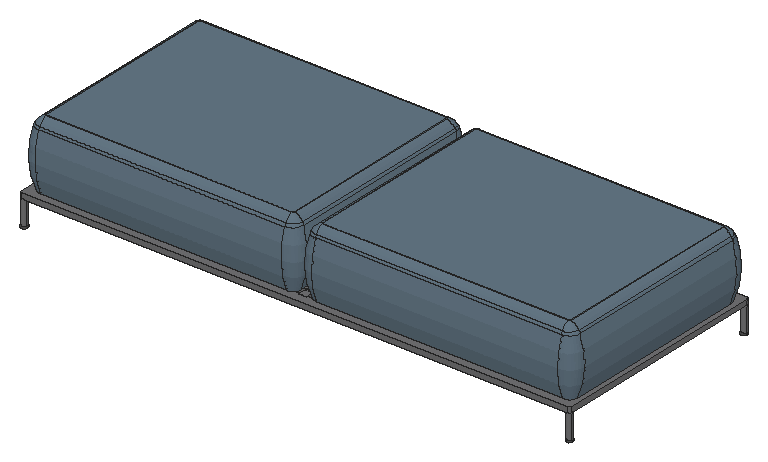
Revit family "Haworth_Mex-Hi_WideBench", category Furniture, Revit 2018
Family settings
  OmniClass Number = 23.40.70.14.64.21
  OmniClass Title = Systems Furniture
  Work Plane-Based = No
  Always vertical = Yes
  Cut with Voids When Loaded = No
  Shared = No
  Room Calculation Point = No
Parameters (values of type "Wide Two Seats Bench")
  Warranty = "http://www.haworth.com/resources/product-info/warranties"
  URL - Product = "https://www.haworth.com/na/en/products/lounge-sofas/ottomans/mex-hi-seating.html"
  URL = "https://www.haworth.com/na/en/about/brands/haworth-collection.html"
  Two Seats Wide = yes
  Trim Finish = Haworth _ Polymer _ Black
  Three Seats Wide = not(Two Seats Wide)  # no
  Sustainability Info = "https://www.haworth.com/na/en/expertise/sustainability.html"
  Size = "Verify Final Dim. w/ Haworth"  # constant formula
  Seat Upholstery Finish [instance] = Haworth _ Leather _ Scozia _ Oceano ES-342
  Revision Number = "1"  # constant formula
  Model = "HCCSMHB"  # constant formula
  Manufacturer = "Haworth"  # constant formula
  Description = "Haworth - Cassina - Mex-Hi - Wide Bench - Two Seats"
  Base Finish [instance] = Haworth _ Paint _ Matte Anthracite 69-ANT
  Author = "Haworth (Abd Rahman)"  # constant formula
  Assembly Code = "E2020200"
  Actual Width = if(Two Seats Wide, 86.60", 106.30")  # 86.60"
  Actual Height = 28.30"  # constant formula
  Actual Depth = 35.50"  # constant formula
Types (2): name | Two Seats Wide | Three Seats Wide | Description | Actual Width
  Wide Two Seats Bench | yes | no | "Haworth - Cassina - Mex-Hi - Wide Bench - Two Seats" | 86.60"
  Wide Three Seats Bench | no | yes | "Haworth - Cassina - Mex-Hi - Wide Bench - Three Seats" | 106.30"
Reference planes (in)
  plane 1: z = 0
  plane 2 "Center L/R": x = -6.11989
  plane 3 "Center F/B": y = -11.5
  plane 4 "Top": z = 28.3
  plane 5 "Back": y = 6.25
  plane 6 "Front": y = -29.25
  plane 7 "Right": x = 37.18011
  plane 8 "Left": x = -49.41989
  plane 9: x = -20.55323
  plane 10: x = 8.31344
  plane 11: z = 15.36974
  plane 12: z = 4.88189
Dimensions and locks (in)
  equal spacing: plane 8 "Left", plane 2 "Center L/R", plane 7 "Right"
  "Actual Width": plane 8 "Left" to plane 7 "Right"
  equal spacing: plane 5 "Back", plane 3 "Center F/B", plane 6 "Front"
  "Actual Depth": plane 5 "Back" to plane 6 "Front"
  "Actual Height": plane 4 "Top" to plane 1
  equal spacing: plane 8 "Left", plane 9, plane 10, plane 7 "Right"
  aligned and locked: plane 2 "Center L/R" to nested 1
  aligned and locked: plane 3 "Center F/B" to nested 1
  aligned and locked: plane 8 "Left" to nested 2
  aligned and locked: plane 7 "Right" to nested 3
  aligned and locked: plane 3 "Center F/B" to nested 3
  aligned and locked: plane 3 "Center F/B" to nested 2
  aligned and locked: plane 2 "Center L/R" to nested 4
  aligned and locked: plane 3 "Center F/B" to nested 4
  aligned and locked: plane 3 "Center F/B" to nested 5
  aligned and locked: plane 3 "Center F/B" to nested 6
  aligned and locked: nested 6 to plane 7 "Right"
  aligned and locked: nested 5 to plane 8 "Left"
  aligned and locked: plane 12 to nested 1
  aligned and locked: plane 11 to nested 5
  aligned and locked: plane 11 to nested 2
  aligned and locked: plane 11 to nested 4
  aligned and locked: plane 11 to nested 6
  aligned and locked: plane 11 to nested 3
Nested families (in)
  nested 1: "Haworth_Mex-Hi_Sofa_Base-PART" at (0, 0, 0), Base Finish <- "Base Finish", type "Base - PART"
    with Base Finish Haworth _ Paint _ Matte Anthracite 69-ANT, Two Seats yes, Three Seats no, Actual Width 86.60"
  nested 2: "Haworth_Mex-Hi_Bench_Seat-PART" at (-25.45039, 0, 0), Seat Upholstery Finish <- "Seat Upholstery Finish", visible <- "Three Seats Wide", type "Seat Bench - PART - Small"
    with Seat Upholstery Finish Haworth _ Leather _ Scozia _ Oceano ES-342, Middle Small Seat yes, L/R Seat no
  nested 3: "Haworth_Mex-Hi_Bench_Seat-PART" at (25.45039, 0, 0), Seat Upholstery Finish <- "Seat Upholstery Finish", visible <- "Three Seats Wide", type "Seat Bench - PART - Small"
    with Seat Upholstery Finish Haworth _ Leather _ Scozia _ Oceano ES-342, Middle Small Seat yes, L/R Seat no
  nested 4: "Haworth_Mex-Hi_Bench_Seat-PART" at (0, 0, 0), visible <- "Three Seats Wide", Seat Upholstery Finish <- "Seat Upholstery Finish", type "Seat Bench - PART - Small"
    with Seat Upholstery Finish Haworth _ Leather _ Scozia _ Oceano ES-342, Middle Small Seat yes, L/R Seat no
  nested 5: "Haworth_Mex-Hi_Bench_Seat-PART" at (-21.99817, 0, 0), visible <- "Two Seats Wide", Seat Upholstery Finish <- "Seat Upholstery Finish", type "Seat Bench - PART - Large"
    with Seat Upholstery Finish Haworth _ Leather _ Scozia _ Oceano ES-342, Middle Large Seat yes, L/R Seat no
  nested 6: "Haworth_Mex-Hi_Bench_Seat-PART" at (21.31563, 0, 0), visible <- "Two Seats Wide", Seat Upholstery Finish <- "Seat Upholstery Finish", type "Seat Bench - PART - Large"
    with Seat Upholstery Finish Haworth _ Leather _ Scozia _ Oceano ES-342, Middle Large Seat yes, L/R Seat no
Definition of nested family "Haworth_Mex-Hi_Sofa_Base-PART"
  Parameters (values of type "Base - PART")
    Warranty = "http://www.haworth.com/resources/product-info/warranties"
    URL - Product = "https://www.haworth.com/na/en/products/lounge-sofas/ottomans/mex-hi-seating.html"
    URL = "https://www.haworth.com/na/en/about/brands/haworth-collection.html"
    Two Seats = no
    Trim Finish = none
    Three Seats = yes
    Sustainability Info = "https://www.haworth.com/na/en/expertise/sustainability.html"
    Size = "Verify Final Dim. w/ Haworth"  # constant formula
    Revision Number = "1"  # constant formula
    Model = "Haworth - Cassina - Mex-Hi"  # constant formula
    Manufacturer = "Haworth"  # constant formula
    Description = "Haworth - Cassina - Mex-Hi - Sofa - Base - PART"  # constant formula
    Base Finish [instance] = none
    Author = "Haworth (Abd Rahman)"  # constant formula
    Assembly Code = "E2020200"
    Actual Width = 98.40"
    Actual Height = 28.30"  # constant formula
    Actual Depth = 35.50"
  Reference planes (in)
    plane 1: z = 0
    plane 2 "Center L/R": x = -6.11989
    plane 3 "Center F/B": y = -11.5
    plane 4 "Top": z = 28.3
    plane 5 "Back": y = 6.25
    plane 6 "Front": y = -29.25
    plane 7 "Right": x = 43.08011
    plane 8 "Left": x = -55.31989
    plane 9: x = 8.61121
    plane 10: x = 7.43011
    plane 11: x = -19.66989
    plane 12: x = -20.851
    plane 13: y = 4.4803
    plane 14: y = 3.20078
    plane 15: y = 2.01967
    plane 16: y = -4.67324
    plane 17: y = -5.85434
    plane 18: y = -24.9511
    plane 19: y = -26.1322
    plane 20: y = -27.40946
    plane 21: y = 6.04866
    plane 22: y = -28.9838
    plane 23: x = -53.5182
    plane 24: x = 41.33743
    plane 25: x = 42.90823
    plane 26: x = -55.09253
    plane 27: x = 8.0169
    plane 28: x = -20.26044
    plane 29: y = -17.07481
    plane 30: y = -5.26247
    plane 31: x = -6.6827
    plane 32: x = -5.5016
  Forms (in)
    Extrusion 1, solid, material <- "Base Finish"
      sketch origin (-0.25, 0.4375, 0) x (1, 0, 0) y (0, 1, 0)
        loop
          line (42.78209, 5.61116) -> (-54.46639, 5.61116)
          arc (-54.46639, 5.61116) -> (-54.73236, 5.50099) -> (-54.84253, 5.23502) r 0.37614
          line (-54.84253, 5.23502) -> (-54.84253, -29.03536)
          arc (-54.84253, -29.03536) -> (-54.72949, -29.30826) -> (-54.4566, -29.4213) r 0.38594
          line (-54.4566, -29.4213) -> (42.87505, -29.4213)
          arc (42.87505, -29.4213) -> (43.07529, -29.33835) -> (43.15823, -29.13811) r 0.28319
          line (43.15823, -29.13811) -> (43.15823, 5.23502)
          arc (43.15823, 5.23502) -> (43.04806, 5.50099) -> (42.78209, 5.61116) r 0.37614
        loop
          line (41.58743, -5.11074) -> (41.58743, 1.58217) -> (-53.2682, 1.58217) -> (-53.2682, -5.11074) -> (41.58743, -5.11074)
        loop
          line (-53.2682, 2.76328) -> (41.58743, 2.76328) -> (41.58743, 4.0428) -> (-53.2682, 4.0428) -> (-53.2682, 2.76328)
        loop
          line (41.58743, -6.29184) -> (-53.2682, -6.29184) -> (-53.2682, -25.3886) -> (41.58743, -25.3886) -> (41.58743, -6.29184)
        loop
          line (41.58743, -26.5697) -> (-53.2682, -26.5697) -> (-53.2682, -27.84696) -> (41.58743, -27.84696) -> (41.58743, -26.5697)
      from 4.08098 to 4.88189
    Extrusion 2, solid, material <- "Base Finish"
      sketch origin (-0.25, 0.4375, 0) x (1, 0, 0) y (0, 1, 0)
        loop
          circle (-54.44883, 5.22344) r 0.41206
        loop
          circle (42.77054, -29.02659) r 0.41206
        loop
          circle (42.77363, 5.22313) r 0.41206
        loop
          circle (-54.44602, -29.0239) r 0.41206
      from 0 to 4.08098
    Extrusion 3, solid, material <- "Trim Finish"
      sketch origin (-0.25, 0.4375, 0) x (1, 0, 0) y (0, 1, 0)
        loop
          circle (-54.44883, 5.22344) r 0.49213
        loop
          circle (-54.44883, -29.02999) r 0.49213
        loop
          circle (42.77154, 5.22344) r 0.49213
        loop
          circle (42.76782, -29.02818) r 0.49213
      from 0 to 0.23622
    Extrusion 4, solid, material <- "Base Finish", visible <- "Two Seats"
      sketch origin (0, 0, 0) x (1, 0, 0) y (0, 1, 0)
        loop
          line (-5.5016, -27.40946) -> (-5.5016, 6.04866) -> (-6.6827, 6.04866) -> (-6.6827, -27.40946) -> (-5.5016, -27.40946)
      from 4.08098 to 4.88189
    Extrusion 5, solid, material <- "Base Finish", visible <- "Three Seats"
      sketch origin (-17.68716, 0, 0) x (1, 0, 0) y (0, 1, 0)
        loop
          line (-1.98273, -27.40946) -> (-1.98273, 6.04866) -> (-3.16383, 6.04866) -> (-3.16383, -27.40946) -> (-1.98273, -27.40946)
      from 4.08098 to 4.88189
    Extrusion 6, solid, material <- "Base Finish", visible <- "Three Seats"
      sketch origin (17.7459, 0, 0) x (1, 0, 0) y (0, 1, 0)
        loop
          line (-9.1347, -27.40946) -> (-9.1347, 6.04866) -> (-10.3158, 6.04866) -> (-10.3158, -27.40946) -> (-9.1347, -27.40946)
      from 4.08098 to 4.88189
    Extrusion 7, solid, material <- "Trim Finish", visible <- "Two Seats"
      sketch origin (0, 0, 0) x (1, 0, 0) y (0, 1, 0)
        loop
          circle (-6.11989, -17.07481) r 0.49213
        loop
          circle (-6.11989, -5.26247) r 0.49213
      from 0 to 0.23622
    Extrusion 8, solid, material <- "Trim Finish", visible <- "Two Seats"
      sketch origin (0, 0, 0) x (1, 0, 0) y (0, 1, 0)
        loop
          circle (-6.11989, -17.07481) r 0.41206
        loop
          circle (-6.11989, -5.26247) r 0.41206
      from 0 to 4.08098
    Extrusion 9, solid, material <- "Trim Finish", visible <- "Three Seats"
      sketch origin (0, 0, 0) x (1, 0, 0) y (0, 1, 0)
        loop
          circle (-20.26044, -17.07481) r 0.41206
        loop
          circle (-20.26044, -5.26247) r 0.41206
        loop
          circle (8.0169, -5.26247) r 0.41206
        loop
          circle (8.0169, -17.07481) r 0.41206
      from 0 to 4.08098
    Extrusion 10, solid, material <- "Trim Finish", visible <- "Three Seats"
      sketch origin (0, 0, 0) x (1, 0, 0) y (0, 1, 0)
        loop
          circle (-20.26044, -17.07481) r 0.49213
        loop
          circle (-20.26044, -5.26247) r 0.49213
        loop
          circle (8.0169, -5.26247) r 0.49213
        loop
          circle (8.0169, -17.07481) r 0.49213
      from 0 to 0.23622
  Lines and regions (in)
    symbolic lines
      curve 1: line (-55.09253, 6.04866, 0) -> (42.90823, 6.04866, 0)
      curve 2: line (-55.09253, -28.9838, 0) -> (-55.09253, 6.04866, 0)
      curve 3: line (42.90823, -28.9838, 0) -> (-55.09253, -28.9838, 0)
      curve 4: line (42.90823, 6.04866, 0) -> (42.90823, -28.9838, 0)
      curve 5: line (-53.5182, -27.40946, 0) -> (-20.851, -27.40946, 0)
      curve 6: line (-53.5182, -26.1322, 0) -> (-53.5182, -27.40946, 0)
      curve 7: line (-20.851, -26.1322, 0) -> (-53.5182, -26.1322, 0)
      curve 8: line (-20.851, -27.40946, 0) -> (-20.851, -26.1322, 0)
      curve 9: line (7.43011, -27.40946, 0) -> (-19.66989, -27.40946, 0)
      curve 10: line (7.43011, -26.1322, 0) -> (7.43011, -27.40946, 0)
      curve 11: line (-19.66989, -26.1322, 0) -> (7.43011, -26.1322, 0)
      curve 12: line (-19.66989, -27.40946, 0) -> (-19.66989, -26.1322, 0)
      curve 13: line (8.61121, -26.1322, 0) -> (41.33743, -26.1322, 0)
      curve 14: line (8.61121, -27.40946, 0) -> (8.61121, -26.1322, 0)
      curve 15: line (41.33743, -27.40946, 0) -> (8.61121, -27.40946, 0)
      curve 16: line (41.33743, -26.1322, 0) -> (41.33743, -27.40946, 0)
      curve 17: line (41.33743, -24.9511, 0) -> (8.61121, -24.9511, 0)
      curve 18: line (41.33743, -5.85434, 0) -> (41.33743, -24.9511, 0)
      curve 19: line (8.61121, -5.85434, 0) -> (41.33743, -5.85434, 0)
      curve 20: line (8.61121, -24.9511, 0) -> (8.61121, -5.85434, 0)
      curve 21: line (41.33743, -4.67324, 0) -> (8.61121, -4.67324, 0)
      curve 22: line (41.33743, 2.01967, 0) -> (41.33743, -4.67324, 0)
      curve 23: line (8.61121, 2.01967, 0) -> (41.33743, 2.01967, 0)
      curve 25: line (7.43011, 2.01967, 0) -> (-19.66989, 2.01967, 0)
      curve 27: line (-19.66989, -4.67324, 0) -> (7.43011, -4.67324, 0)
      curve 28: line (-19.66989, 2.01967, 0) -> (-19.66989, -4.67324, 0)
      curve 29: line (-19.66989, -5.85434, 0) -> (7.43011, -5.85434, 0)
      curve 30: line (-19.66989, -24.9511, 0) -> (-19.66989, -5.85434, 0)
      curve 31: line (7.43011, -24.9511, 0) -> (-19.66989, -24.9511, 0)
      curve 32: line (7.43011, -5.85434, 0) -> (7.43011, -24.9511, 0)
      curve 33: line (-20.851, -24.9511, 0) -> (-53.5182, -24.9511, 0)
      curve 35: line (-53.5182, -5.85434, 0) -> (-20.851, -5.85434, 0)
      curve 36: line (-53.5182, -24.9511, 0) -> (-53.5182, -5.85434, 0)
      curve 37: line (-53.5182, -4.67324, 0) -> (-20.851, -4.67324, 0)
      curve 38: line (-53.5182, 2.01967, 0) -> (-53.5182, -4.67324, 0)
      curve 39: line (-20.851, 2.01967, 0) -> (-53.5182, 2.01967, 0)
      curve 40: line (-20.851, -4.67324, 0) -> (-20.851, 2.01967, 0)
      curve 41: line (-53.5182, 4.4803, 0) -> (-20.851, 4.4803, 0)
      curve 42: line (-53.5182, 3.20078, 0) -> (-53.5182, 4.4803, 0)
      curve 43: line (-20.851, 3.20078, 0) -> (-53.5182, 3.20078, 0)
      curve 44: line (-20.851, 4.4803, 0) -> (-20.851, 3.20078, 0)
      curve 45: line (7.43011, 3.20078, 0) -> (-19.66989, 3.20078, 0)
      curve 46: line (7.43011, 4.4803, 0) -> (7.43011, 3.20078, 0)
      curve 47: line (-19.66989, 4.4803, 0) -> (7.43011, 4.4803, 0)
      curve 49: line (41.33743, 3.20078, 0) -> (8.61121, 3.20078, 0)
      curve 50: line (41.33743, 4.4803, 0) -> (41.33743, 3.20078, 0)
      curve 51: line (8.61121, 4.4803, 0) -> (41.33743, 4.4803, 0)
      curve 52: line (8.61121, 3.20078, 0) -> (8.61121, 4.4803, 0)
    symbolic lines, visible <- "Three Seats"
      curve 24: line (8.61121, -27.40946, 0) -> (8.61121, 4.4803, 0)
      curve 26: line (7.43011, -27.40946, 0) -> (7.43011, 4.4803, 0)
      curve 34: line (-20.851, 4.4803, 0) -> (-20.851, -27.40946, 0)
      curve 48: line (-19.66989, -27.40946, 0) -> (-19.66989, 4.4803, 0)
    symbolic lines, visible <- "Two Seats"
      curve 53: line (-6.6827, 6.04866, 0) -> (-5.5016, 6.04866, 0)
      curve 54: line (-6.6827, -27.40946, 0) -> (-6.6827, 6.04866, 0)
      curve 55: line (-5.5016, -27.40946, 0) -> (-6.6827, -27.40946, 0)
      curve 56: line (-5.5016, 6.04866, 0) -> (-5.5016, -27.40946, 0)
  Dimensions and locks (in)
    equal spacing: plane 8 "Left", plane 2 "Center L/R", plane 7 "Right"
    "Actual Width": plane 8 "Left" to plane 7 "Right"
    equal spacing: plane 5 "Back", plane 3 "Center F/B", plane 6 "Front"
    "Actual Depth": plane 5 "Back" to plane 6 "Front"
    "Actual Height": plane 4 "Top" to plane 1
    plane 18 to plane 19 to plane 20 to plane 22 to plane 6 "Front" = 1.1811" locked, 1.27726" locked, 1.57434" locked, 0.2662" locked
    plane 5 "Back" to plane 21 to plane 13 to plane 14 to plane 15 to plane 16 to plane 17 = 0.20134" locked, 1.56835" locked, 1.27953" locked, 1.1811" locked, 6.69291" locked, 1.1811" locked
    plane 30 to plane 3 "Center F/B" to plane 29 = 6.23753" locked, 5.57481" locked
    plane 31 to plane 2 "Center L/R" to plane 32 = 0.56281" locked, 0.61829" locked
    plane 10 to plane 27 to plane 9 = 0.58679" locked, 0.59431" locked
    plane 12 to plane 28 to plane 11 = 0.59055" locked, 0.59055" locked
    plane 24 to plane 25 to plane 7 "Right" = 1.5708" locked, 0.17188" locked
    plane 8 "Left" to plane 26 to plane 23 = 0.22736" locked, 1.57433" locked
    plane 9 to plane 24 = 32.72622"
    plane 23 to plane 12 = 32.6672"
    aligned and locked: Extrusion 1 to plane 13
    aligned and locked: plane 14 to Extrusion 1
    aligned and locked: Extrusion 1 to plane 15
    aligned and locked: plane 16 to Extrusion 1
    aligned and locked: Extrusion 1 to plane 17
    aligned and locked: plane 18 to Extrusion 1
    aligned and locked: Extrusion 1 to plane 19
    aligned and locked: Extrusion 1 to plane 20
    aligned and locked: plane 26 to Extrusion 1  (x2)
    aligned and locked: Extrusion 1 to plane 23  (x4)
    aligned and locked: Extrusion 1 to plane 25  (x2)
    aligned and locked: plane 24 to Extrusion 1  (x4)
    aligned and locked: curve 2 to plane 26
    aligned and locked: plane 21 to Extrusion 1
    aligned and locked: plane 14 to curve 43
    aligned and locked: plane 15 to curve 39
    aligned and locked: curve 37 to plane 16
    aligned and locked: curve 35 to plane 17
    aligned and locked: plane 18 to curve 33
    aligned and locked: plane 19 to curve 7
    aligned and locked: plane 20 to curve 5
    aligned and locked: plane 23 to curve 6
    aligned and locked: curve 36 to plane 23
    aligned and locked: plane 23 to curve 38
    aligned and locked: curve 42 to plane 23
    aligned and locked: plane 12 to curve 44
    aligned and locked: curve 40 to plane 12
    aligned and locked: curve 8 to plane 12
    aligned and locked: curve 12 to plane 11
    aligned and locked: curve 30 to plane 11
    aligned and locked: plane 11 to curve 28
    aligned and locked: plane 10 to curve 46
    aligned and locked: curve 26 to plane 10
    aligned and locked: plane 10 to curve 32
    aligned and locked: plane 10 to curve 10
    aligned and locked: curve 14 to plane 9
    aligned and locked: curve 20 to plane 9
    aligned and locked: curve 52 to plane 9
    aligned and locked: plane 24 to curve 50
    aligned and locked: plane 24 to curve 22
    aligned and locked: plane 24 to curve 18
    aligned and locked: plane 24 to curve 16
    aligned and locked: plane 25 to curve 4
    aligned and locked: Extrusion 1 to plane 22
    aligned and locked: curve 15 to plane 20
    aligned and locked: curve 13 to plane 19
    aligned and locked: plane 18 to curve 17
    aligned and locked: curve 19 to plane 17
    aligned and locked: plane 16 to curve 21
    aligned and locked: curve 23 to plane 15
    aligned and locked: plane 14 to curve 49
    aligned and locked: curve 51 to plane 13
    aligned and locked: curve 1 to plane 21
    aligned and locked: curve 47 to plane 13
    aligned and locked: plane 14 to curve 45
    aligned and locked: plane 15 to curve 25
    aligned and locked: curve 27 to plane 16
    aligned and locked: curve 29 to plane 17
    aligned and locked: plane 18 to curve 31
    aligned and locked: curve 11 to plane 19
    aligned and locked: curve 9 to plane 20
    aligned and locked: plane 22 to curve 3
    aligned and locked: plane 15 to nested 2
    aligned and locked: plane 15 to nested 3
    aligned and locked: plane 15 to nested 8
    aligned and locked: plane 15 to nested 9
    aligned and locked: plane 17 to nested 13
    aligned and locked: plane 17 to nested 10
    aligned and locked: plane 17 to nested 7
    aligned and locked: plane 17 to nested 4
    aligned and locked: plane 17 to nested 14
    aligned and locked: nested 1 to plane 18
    aligned and locked: nested 5 to plane 18
    aligned and locked: nested 6 to plane 18
    aligned and locked: nested 12 to plane 18
    aligned and locked: nested 11 to plane 18
    aligned and locked: nested 1 to Extrusion 1
    aligned and locked: Extrusion 1 to Extrusion 4  (x2)
    aligned and locked: Extrusion 4 to plane 32
    aligned and locked: plane 31 to Extrusion 4
    aligned and locked: plane 32 to Extrusion 4 sketch curve
    aligned and locked: Extrusion 4 sketch curve to plane 31
    aligned and locked: Extrusion 4 sketch curve to plane 21
    aligned and locked: Extrusion 4 sketch curve to plane 20
    aligned and locked: plane 9 to Extrusion 6 sketch curve
    aligned and locked: Extrusion 6 sketch curve to plane 10
    aligned and locked: Extrusion 6 sketch curve to plane 21
    aligned and locked: Extrusion 6 sketch curve to plane 20
    aligned and locked: plane 11 to Extrusion 5 sketch curve
    aligned and locked: Extrusion 5 sketch curve to plane 12
    aligned and locked: Extrusion 5 sketch curve to plane 21
    aligned and locked: Extrusion 5 sketch curve to plane 20
    aligned and locked: plane 29 to Extrusion 7 sketch curve
    aligned and locked: plane 2 "Center L/R" to Extrusion 7 sketch curve  (x2)
    aligned and locked: plane 30 to Extrusion 7 sketch curve
    aligned and locked: Extrusion 3 to Extrusion 7
    aligned and locked: plane 29 to Extrusion 8 sketch curve
    aligned and locked: plane 2 "Center L/R" to Extrusion 8 sketch curve  (x2)
    aligned and locked: plane 30 to Extrusion 8 sketch curve
    aligned and locked: Extrusion 8 to Extrusion 1
    aligned and locked: plane 29 to Extrusion 9 sketch curve  (x2)
    aligned and locked: plane 30 to Extrusion 9 sketch curve  (x2)
    aligned and locked: plane 28 to Extrusion 9 sketch curve  (x2)
    aligned and locked: plane 27 to Extrusion 9 sketch curve  (x2)
    aligned and locked: Extrusion 9 to Extrusion 1
    aligned and locked: plane 28 to Extrusion 10 sketch curve  (x2)
    aligned and locked: plane 27 to Extrusion 10 sketch curve  (x2)
    aligned and locked: plane 30 to Extrusion 10 sketch curve  (x2)
    aligned and locked: plane 29 to Extrusion 10 sketch curve  (x2)
    aligned and locked: Extrusion 10 to Extrusion 7
  Automatic sketch dimensions
    Extrusion 1 sketch curve to plane 26 = 0.00"
    Extrusion 1 sketch curve to plane 21 = 0.00"
    Extrusion 1 sketch curve to plane 22 = 0.00"
    plane 20 to Extrusion 1 sketch curve = 0.00"
    Extrusion 1 sketch curve to plane 23 = 0.00"  (x4)
    Extrusion 1 sketch curve to plane 18 = 0.00"
    Extrusion 1 sketch curve to plane 13 = 0.00"
    Extrusion 1 sketch curve to plane 16 = 0.00"
    Extrusion 1 sketch curve to plane 24 = 0.00"  (x4)
    Extrusion 1 sketch curve to plane 14 = 0.00"
    Extrusion 1 sketch curve to plane 15 = 0.00"
    Extrusion 1 sketch curve to plane 25 = 0.00"
    Extrusion 1 sketch curve to plane 19 = 0.00"
    Extrusion 1 sketch curve to plane 17 = 0.00"
    Extrusion 1 sketch curve to Extrusion 1 sketch curve = 0.37614"
    plane 22 to Extrusion 1 sketch curve = 0.38594"
    plane 25 to Extrusion 1 sketch curve = 0.37614"
    Extrusion 1 sketch curve to Extrusion 1 sketch curve = 0.28319"
    Extrusion 2 sketch curve to plane 26 = 0.39651"
    Extrusion 2 sketch curve to plane 26 = 0.3937"
    plane 25 to Extrusion 2 sketch curve = 0.38769"
    plane 25 to Extrusion 2 sketch curve = 0.3846"
    plane 22 to Extrusion 2 sketch curve = 0.39739"
    plane 22 to Extrusion 2 sketch curve = 0.39471"
    Extrusion 2 sketch curve to plane 21 = 0.38803"
    Extrusion 2 sketch curve to plane 21 = 0.38772"
    Extrusion 3 sketch curve to plane 26 = 0.3937"  (x2)
    plane 25 to Extrusion 3 sketch curve = 0.39041"
    plane 25 to Extrusion 3 sketch curve = 0.38669"
    plane 22 to Extrusion 3 sketch curve = 0.39311"
    plane 22 to Extrusion 3 sketch curve = 0.39131"
    Extrusion 3 sketch curve to plane 21 = 0.38772"  (x2)
    plane 20 to curve 55 = 0.00"
    curve 55 to plane 31 = 0.00"
    curve 55 to plane 32 = 0.00"
    curve 44 to plane 13 = 0.00"
    curve 53 to plane 21 = 0.00"
    radius of Extrusion 2 sketch curve = 0.41206"  (x4)
    radius of Extrusion 3 sketch curve = 0.49213"  (x4)
    radius of Extrusion 7 sketch curve = 0.49213"  (x2)
    radius of Extrusion 8 sketch curve = 0.41206"  (x2)
    radius of Extrusion 9 sketch curve = 0.41206"  (x4)
    radius of Extrusion 10 sketch curve = 0.49213"  (x4)
  Nested families (in)
    nested 1: "Haworth_Mex-Hi_Sofa_Knob-PART" at (-41.10041, -14.04791, 0.00098), visible <- "Three Seats", type "Knob - PART"
    nested 2: "Haworth_Mex-Hi_Sofa_Knob-PART" at (-21.10041, 13.65777, 0), type "Knob - PART"
    nested 3: "Haworth_Mex-Hi_Sofa_Knob-PART" at (-13.66357, 13.65777, 0), type "Knob - PART"
    nested 4: "Haworth_Mex-Hi_Sofa_Knob-PART" at (-13.66357, 5.78375, 0), type "Knob - PART"
    nested 5: "Haworth_Mex-Hi_Sofa_Knob-PART" at (-13.66357, -14.04791, 0), type "Knob - PART"
    nested 6: "Haworth_Mex-Hi_Sofa_Knob-PART" at (14.33643, -14.04791, 0), type "Knob - PART"
    nested 7: "Haworth_Mex-Hi_Sofa_Knob-PART" at (14.33643, 5.78375, 0), type "Knob - PART"
    nested 8: "Haworth_Mex-Hi_Sofa_Knob-PART" at (14.33643, 13.65777, 0), type "Knob - PART"
    nested 9: "Haworth_Mex-Hi_Sofa_Knob-PART" at (21.51753, 13.65777, 0), type "Knob - PART"
    nested 10: "Haworth_Mex-Hi_Sofa_Knob-PART" at (21.51753, 5.78375, 0), type "Knob - PART"
    nested 11: "Haworth_Mex-Hi_Sofa_Knob-PART" at (21.51753, -14.04791, 0), type "Knob - PART"
    nested 12: "Haworth_Mex-Hi_Sofa_Knob-PART" at (41.58464, -14.04791, 0), visible <- "Three Seats", type "Knob - PART"
    nested 13: "Haworth_Mex-Hi_Sofa_Knob-PART" at (41.58464, 5.78375, 0), visible <- "Three Seats", type "Knob - PART"
    nested 14: "Haworth_Mex-Hi_Sofa_Knob-PART" at (-41.10041, 5.78375, 0), visible <- "Three Seats", type "Knob - PART"
  Definition of nested family "Haworth_Mex-Hi_Sofa_Knob-PART"
    Parameters (values of type "Knob - PART")
      Warranty = "http://www.haworth.com/resources/product-info/warranties"
      URL - Product = "https://www.haworth.com/na/en/products/lounge-sofas/ottomans/mex-hi-seating.html"
      URL = "https://www.haworth.com/na/en/about/brands/haworth-collection.html"
      Trim Finish = none
      Sustainability Info = "https://www.haworth.com/na/en/expertise/sustainability.html"
      Size = "Verify Final Dim. w/ Haworth"  # constant formula
      Revision Number = "1"  # constant formula
      Model = "Haworth - Cassina - Mex-Hi"  # constant formula
      Manufacturer = "Haworth"  # constant formula
      Description = "Haworth - Cassina - Mex-Hi - Sofa - Knob - PART"  # constant formula
      Author = "Haworth (Abd Rahman)"  # constant formula
      Assembly Code = "E2020200"
      Actual Width = 1.67"  # constant formula
      Actual Height = 4.08"  # constant formula
      Actual Depth = 1.47"  # constant formula
    Reference planes (in)
      plane 1: z = 0
      plane 2 "Center L/R": x = -6.1322
      plane 3 "Top": z = 4.08
      plane 4: x = -5.2972
      plane 5: x = -6.9672
      plane 6: y = -10.90319
      plane 7: y = -12.373
      plane 8: y = -11.6381
    Forms (in)
      Extrusion 1, solid, material <- "Trim Finish"
        sketch origin (0, 0, 0) x (1, 0, 0) y (0, 1, 0)
          loop
            arc (-6.96571, -11.20052) -> (-6.96593, -11.22622) -> (-6.95004, -11.24643) r 0.03882
            arc (-6.95004, -11.24643) -> (-6.5066, -11.70956) -> (-6.32724, -12.32516) r 1.34831
            arc (-6.32724, -12.32516) -> (-6.31768, -12.34902) -> (-6.29531, -12.36168) r 0.03882
            arc (-6.29531, -12.36168) -> (-6.12907, -12.37648) -> (-5.96283, -12.36168) r 0.94089
            arc (-5.96283, -12.36168) -> (-5.93846, -12.34653) -> (-5.93115, -12.31878) r 0.03882
            arc (-5.93115, -12.31878) -> (-5.74775, -11.6992) -> (-5.2972, -11.23603) r 1.34873
            arc (-5.2972, -11.23603) -> (-5.29048, -11.21886) -> (-5.29243, -11.20052) r 0.03882
            arc (-5.29243, -11.20052) -> (-5.36273, -11.04915) -> (-5.45867, -10.91258) r 0.94086
            arc (-5.45867, -10.91258) -> (-5.48082, -10.89954) -> (-5.50626, -10.90319) r 0.03882
            arc (-5.50626, -10.90319) -> (-6.12907, -11.05565) -> (-6.75188, -10.90319) r 1.34833
            arc (-6.75188, -10.90319) -> (-6.77732, -10.89954) -> (-6.79947, -10.91258) r 0.03882
            arc (-6.79947, -10.91258) -> (-6.89541, -11.04915) -> (-6.96571, -11.20052) r 0.94087
        from 3.49028 to 3.88235
      Extrusion 2, solid, material <- "Trim Finish"
        sketch origin (0, 0, 0) x (1, 0, 0) y (0, 1, 0)
          loop
            circle (-6.1322, -11.5) r 0.37215
        from 3.88235 to 4.08098
    Cuts and joins
      joined: Extrusion 1, Extrusion 2
    Lines and regions (in)
      symbolic lines
        curve 1: arc (-5.50626, -10.90319, 0) -> (-6.12907, -11.05565, 0) -> (-6.75188, -10.90319, 0) r 1.34833
        curve 2: arc (-5.45867, -10.91258, 0) -> (-5.48082, -10.89954, 0) -> (-5.50626, -10.90319, 0) r 0.03882
        curve 3: arc (-5.29243, -11.20052, 0) -> (-5.36273, -11.04915, 0) -> (-5.45867, -10.91258, 0) r 0.94086
        curve 4: arc (-5.2972, -11.23603, 0) -> (-5.29048, -11.21886, 0) -> (-5.29243, -11.20052, 0) r 0.03882
        curve 5: arc (-5.93115, -12.31878, 0) -> (-5.74775, -11.6992, 0) -> (-5.2972, -11.23603, 0) r 1.34873
        curve 6: arc (-5.96283, -12.36168, 0) -> (-5.93846, -12.34653, 0) -> (-5.93115, -12.31878, 0) r 0.03882
        curve 7: arc (-6.29531, -12.36168, 0) -> (-6.12907, -12.37648, 0) -> (-5.96283, -12.36168, 0) r 0.94089
        curve 8: arc (-6.32724, -12.32516, 0) -> (-6.31768, -12.34902, 0) -> (-6.29531, -12.36168, 0) r 0.03882
        curve 9: arc (-6.95004, -11.24643, 0) -> (-6.5066, -11.70956, 0) -> (-6.32724, -12.32516, 0) r 1.34831
        curve 10: arc (-6.96571, -11.20052, 0) -> (-6.96593, -11.22622, 0) -> (-6.95004, -11.24643, 0) r 0.03882
        curve 11: arc (-6.79947, -10.91258, 0) -> (-6.89541, -11.04915, 0) -> (-6.96571, -11.20052, 0) r 0.94087
        curve 12: arc (-6.75188, -10.90319, 0) -> (-6.77732, -10.89954, 0) -> (-6.79947, -10.91258, 0) r 0.03882
    Dimensions and locks (in)
      equal spacing: plane 7, plane 8, plane 6
      plane 6 to plane 7 = 1.46981"
      equal spacing: plane 5, plane 2 "Center L/R", plane 4
      "Actual Width": plane 5 to plane 4
      "Actual Height": plane 3 "Top" to level
    Automatic sketch dimensions
      Extrusion 1 sketch curve to plane 2 "Center L/R" = 0.15625"
      Extrusion 1 sketch curve to plane 2 "Center L/R" = 0.6376"
      Extrusion 1 sketch curve to Extrusion 1 sketch curve = 0.15938"  (x2)
      Extrusion 1 sketch curve to plane 2 "Center L/R" = 1.54206"
      Extrusion 1 sketch curve to plane 2 "Center L/R" = 0.04533"
      Extrusion 1 sketch curve to Extrusion 1 sketch curve = 0.04847"
      plane 2 "Center L/R" to Extrusion 1 sketch curve = 0.00314"
      Extrusion 1 sketch curve to Extrusion 1 sketch curve = 0.09695"
      Extrusion 1 sketch curve to Extrusion 1 sketch curve = 0.31877"
      plane 2 "Center L/R" to Extrusion 1 sketch curve = 0.64387"
      Extrusion 1 sketch curve to Extrusion 1 sketch curve = 0.74511"
      Extrusion 1 sketch curve to Extrusion 1 sketch curve = 0.00"  (x11)
      Extrusion 1 sketch curve to Extrusion 1 sketch curve = 0.00001"
      Extrusion 1 sketch curve to Extrusion 1 sketch curve = 0.08398"
      Extrusion 1 sketch curve to Extrusion 1 sketch curve = 0.27606"  (x2)
      Extrusion 1 sketch curve to Extrusion 1 sketch curve = 1.2303"
      Extrusion 1 sketch curve to plane 2 "Center L/R" = 0.16311"
      Extrusion 1 sketch curve to Extrusion 1 sketch curve = 0.01793"
      Extrusion 2 sketch curve to plane 2 "Center L/R" = 0.00"
      plane 6 to Extrusion 1 sketch curve = 0.00"  (x2)
      Extrusion 1 sketch curve to plane 4 = 0.00"
      plane 6 to Extrusion 1 sketch curve = 0.5324"
      plane 7 to Extrusion 1 sketch curve = 0.04953"
      Extrusion 1 sketch curve to plane 7 = 0.01071"
      plane 6 to Extrusion 2 sketch curve = 0.59681"
      plane 6 to curve 1 = 0.00"  (x2)
      plane 6 to curve 2 = 0.00"
      plane 2 "Center L/R" to curve 1 = 0.00314"
      plane 6 to curve 2 = 0.03443"
      plane 4 to curve 2 = 0.19113"
      curve 1 to plane 6 = 1.19587"
      plane 6 to curve 2 = 0.00939"
      curve 3 to plane 2 "Center L/R" = 0.04533"
      curve 3 to curve 2 = 0.00"
      curve 3 to plane 4 = 0.00477"
      curve 4 to plane 4 = 0.00"
      plane 4 to curve 4 = 0.03174"
      curve 4 to curve 3 = 0.00"
      curve 5 to plane 7 = 0.00766"
      curve 5 to plane 4 = 0.71336"
      plane 7 to curve 5 = 0.05423"
      curve 6 to curve 5 = 0.03853"
      curve 6 to curve 5 = 0.0047"
      plane 7 to curve 6 = 0.01132"
      plane 2 "Center L/R" to curve 7 = 0.00314"
      plane 7 to curve 7 = 0.01132"
      curve 7 to plane 2 "Center L/R" = 0.16311"
      curve 7 to curve 8 = 0.00686"
      curve 8 to curve 8 = 0.03878"
      curve 8 to curve 7 = 0.00"
      curve 9 to plane 7 = 0.01071"
      curve 9 to plane 5 = 0.01716"
      curve 9 to curve 8 = 0.00"
      curve 10 to plane 5 = 0.03801"
      curve 10 to plane 5 = 0.0015"
      curve 10 to curve 9 = 0.00"
      plane 2 "Center L/R" to curve 11 = 0.05162"
      curve 11 to curve 10 = 0.00"
      plane 6 to curve 11 = 0.00939"
      plane 6 to curve 12 = 0.00"
      radius of Extrusion 2 sketch curve = 0.37215"
Definition of nested family "Haworth_Mex-Hi_Bench_Seat-PART"
  Parameters (values of type "Seat Bench - PART")
    Warranty = "http://www.haworth.com/resources/product-info/warranties"
    URL - Product = "https://www.haworth.com/na/en/products/lounge-sofas/ottomans/mex-hi-seating.html"
    URL = "https://www.haworth.com/na/en/about/brands/haworth-collection.html"
    Sustainability Info = "https://www.haworth.com/na/en/expertise/sustainability.html"
    Size = "Verify Final Dim. w/ Haworth"  # constant formula
    Seat Upholstery Finish [instance] = none
    Seat Height = 17.00"  # constant formula
    Revision Number = "1"  # constant formula
    Model = "Haworth - Cassina - Mex-Hi"  # constant formula
    Middle Small Seat = no
    Middle Large Seat = no
    Manufacturer = "Haworth"  # constant formula
    L/R Seat = yes
    Description = "Haworth - Cassina - Mex-Hi - Seat  - PART"  # constant formula
    Author = "Haworth (Abd Rahman)"  # constant formula
    Assembly Code = "E2020200"
    Actual Width = 35.69922"  # constant formula
    Actual Height = 27.39844"  # constant formula
    Actual Depth = 35.50"  # constant formula
  Reference planes (in)
    plane 1: z = 0
    plane 2 "Center L/R": x = -6.11989
    plane 3 "Center F/B": y = -11.5
    plane 4 "Top": z = 27.39844
    plane 5 "Back": y = 6.25
    plane 6 "Front": y = -29.25
    plane 7 "Right": x = 11.72972
    plane 8 "Left": x = -23.9695
    plane 9: z = 17
    plane 10: x = -27.42172
    plane 11: x = 15.86448
    plane 12: x = -19.80117
    plane 13: x = 7.56138
  Forms (in)
    Extrusion 1, solid, material <- "Seat Upholstery Finish", visible <- "Middle Small Seat"
      sketch origin (4.78944, 14.72405, 0) x (1, 0, 0) y (0, 1, 0)
        loop
          arc (4.64853, -11.18636) -> (4.58765, -11.03938) -> (4.44067, -10.9785) r 0.20787
          line (4.44067, -10.9785) -> (-26.25933, -10.9785)
          arc (-26.25933, -10.9785) -> (-26.40632, -11.03938) -> (-26.4672, -11.18636) r 0.20787
          line (-26.4672, -11.18636) -> (-26.4672, -41.04213)
          arc (-26.4672, -41.04213) -> (-26.40632, -41.18912) -> (-26.25933, -41.25) r 0.20787
          line (-26.25933, -41.25) -> (4.44067, -41.25)
          arc (4.44067, -41.25) -> (4.58765, -41.18912) -> (4.64853, -41.04213) r 0.20787
          line (4.64853, -41.04213) -> (4.64853, -11.18636)
      from 4.88189 to 15.36974
    Sweep 2, solid, material <- "Seat Upholstery Finish", visible <- "Middle Small Seat"
      path origin (4.78944, 14.72405, 0) x (1, 0, 0) y (0, 1, 0)
        loop
          arc (4.44067, -42.79213) -> (5.6781, -42.27957) -> (6.19067, -41.04213) r 1.75
          line (6.19067, -41.04213) -> (6.19067, -11.18636)
          arc (6.19067, -11.18636) -> (5.6781, -9.94893) -> (4.44067, -9.43636) r 1.75
          line (4.44067, -9.43636) -> (-26.25933, -9.43636)
          arc (-26.25933, -9.43636) -> (-27.49677, -9.94893) -> (-28.00933, -11.18636) r 1.75
          line (-28.00933, -11.18636) -> (-28.00933, -41.04213)
          arc (-28.00933, -41.04213) -> (-27.49677, -42.27957) -> (-26.25933, -42.79213) r 1.75
          line (-26.25933, -42.79213) -> (4.44067, -42.79213)
      profile origin (-6.11989, -28.06809, 0) x (0, -1, 0) y (0, 0, 1)
        loop
          arc (-0.11034, 13.92822) -> (-0.19803, 14.13034) -> (-0.31579, 14.31655) r 1.42697
          arc (-0.31579, 14.31655) -> (-0.8708, 14.91087) -> (-1.54213, 15.36974) r 3.70331
          line (-1.54213, 15.36974) -> (-1.54213, 4.88189) -> (-0.41268, 4.88189)
          arc (-0.41268, 4.88189) -> (0.57441, 9.37712) -> (-0.11034, 13.92822) r 12.66244
    Extrusion 3, solid, material <- "Seat Upholstery Finish", visible <- "L/R Seat"
      sketch origin (4.35194, 14.72405, 0) x (1, 0, 0) y (0, 1, 0)
        loop
          arc (0.87817, -41.25) -> (1.02515, -41.18912) -> (1.08603, -41.04213) r 0.20787
          line (1.08603, -41.04213) -> (1.08603, -11.18636)
          arc (1.08603, -11.18636) -> (1.02515, -11.03938) -> (0.87817, -10.9785) r 0.20787
          line (0.87817, -10.9785) -> (-21.82183, -10.9785)
          arc (-21.82183, -10.9785) -> (-21.96882, -11.03938) -> (-22.0297, -11.18636) r 0.20787
          line (-22.0297, -11.18636) -> (-22.0297, -41.04213)
          arc (-22.0297, -41.04213) -> (-21.96882, -41.18912) -> (-21.82183, -41.25) r 0.20787
          line (-21.82183, -41.25) -> (0.87817, -41.25)
      from 4.88189 to 15.36974
    Sweep 4, solid, material <- "Seat Upholstery Finish", visible <- "L/R Seat"
      path origin (4.35194, 14.72405, 0) x (1, 0, 0) y (0, 1, 0)
        loop
          arc (0.87817, -42.79213) -> (2.1156, -42.27957) -> (2.62817, -41.04213) r 1.75
          line (2.62817, -41.04213) -> (2.62817, -11.18636)
          arc (2.62817, -11.18636) -> (2.1156, -9.94893) -> (0.87817, -9.43636) r 1.75
          line (0.87817, -9.43636) -> (-21.82183, -9.43636)
          arc (-21.82183, -9.43636) -> (-23.05927, -9.94893) -> (-23.57183, -11.18636) r 1.75
          line (-23.57183, -11.18636) -> (-23.57183, -41.04213)
          arc (-23.57183, -41.04213) -> (-23.05927, -42.27957) -> (-21.82183, -42.79213) r 1.75
          line (-21.82183, -42.79213) -> (0.87817, -42.79213)
      profile origin (-6.11989, -28.06809, 0) x (0, -1, 0) y (0, 0, 1)
        loop
          arc (-0.11034, 13.92822) -> (-0.19803, 14.13034) -> (-0.31579, 14.31655) r 1.42697
          arc (-0.31579, 14.31655) -> (-0.8708, 14.91087) -> (-1.54213, 15.36974) r 3.70331
          line (-1.54213, 15.36974) -> (-1.54213, 4.88189) -> (-0.41268, 4.88189)
          arc (-0.41268, 4.88189) -> (0.57441, 9.37712) -> (-0.11034, 13.92822) r 12.66244
    Sweep 5, solid, material <- "Seat Upholstery Finish", visible <- "Middle Large Seat"
      path origin (4.78944, 14.72405, 0) x (1, 0, 0) y (0, 1, 0)
        loop
          arc (8.74067, -42.79213) -> (9.9781, -42.27957) -> (10.49067, -41.04213) r 1.75
          line (10.49067, -41.04213) -> (10.49067, -11.18636)
          arc (10.49067, -11.18636) -> (9.9781, -9.94893) -> (8.74067, -9.43636) r 1.75
          line (8.74067, -9.43636) -> (-29.80933, -9.43636)
          arc (-29.80933, -9.43636) -> (-31.04677, -9.94893) -> (-31.55933, -11.18636) r 1.75
          line (-31.55933, -11.18636) -> (-31.55933, -41.04213)
          arc (-31.55933, -41.04213) -> (-31.04677, -42.27957) -> (-29.80933, -42.79213) r 1.75
          line (-29.80933, -42.79213) -> (8.74067, -42.79213)
      profile origin (-5.74489, -28.06809, 0) x (0, -1, 0) y (0, 0, 1)
        loop
          arc (-0.11034, 13.92822) -> (-0.19803, 14.13034) -> (-0.31579, 14.31655) r 1.42697
          arc (-0.31579, 14.31655) -> (-0.8708, 14.91087) -> (-1.54213, 15.36974) r 3.70331
          line (-1.54213, 15.36974) -> (-1.54213, 4.88189) -> (-0.41268, 4.88189)
          arc (-0.41268, 4.88189) -> (0.57441, 9.37712) -> (-0.11034, 13.92822) r 12.66244
    Extrusion 6, solid, material <- "Seat Upholstery Finish", visible <- "Middle Large Seat"
      sketch origin (4.78944, 14.97405, 0) x (1, 0, 0) y (0, 1, 0)
        loop
          arc (8.94853, -11.43636) -> (8.88765, -11.28938) -> (8.74067, -11.2285) r 0.20787
          line (8.74067, -11.2285) -> (-29.80933, -11.2285)
          arc (-29.80933, -11.2285) -> (-29.95632, -11.28938) -> (-30.0172, -11.43636) r 0.20787
          line (-30.0172, -11.43636) -> (-30.0172, -41.29213)
          arc (-30.0172, -41.29213) -> (-29.95632, -41.43912) -> (-29.80933, -41.5) r 0.20787
          line (-29.80933, -41.5) -> (8.74067, -41.5)
          arc (8.74067, -41.5) -> (8.88765, -41.43912) -> (8.94853, -41.29213) r 0.20787
          line (8.94853, -41.29213) -> (8.94853, -11.43636)
      from 4.88189 to 15.36974
  Lines and regions (in)
    Masking region 1, visible <- "Middle Small Seat"
      outline origin (0, 0, 0) x (1, 0, 0) y (0, 1, 0)
        loop
          line (-23.80117, 3.5) -> (-23.80117, -26.2804)
          arc (-23.80117, -26.2804) -> (-23.06894, -28.04817) -> (-21.30117, -28.7804) r 2.5
          line (-21.30117, -28.7804) -> (9.06138, -28.7804)
          arc (9.06138, -28.7804) -> (10.82915, -28.04817) -> (11.56138, -26.2804) r 2.5
          line (11.56138, -26.2804) -> (11.56138, 3.5)
          arc (11.56138, 3.5) -> (10.82915, 5.26777) -> (9.06138, 6) r 2.5
          line (9.06138, 6) -> (-21.30117, 6)
          arc (-21.30117, 6) -> (-23.06894, 5.26777) -> (-23.80117, 3.5) r 2.5
    Masking region 2, visible <- "L/R Seat"
      outline origin (0, 0, 0) x (1, 0, 0) y (0, 1, 0)
        loop
          line (-19.80117, 3.5) -> (-19.80117, -26.2804)
          arc (-19.80117, -26.2804) -> (-19.06894, -28.04817) -> (-17.30117, -28.7804) r 2.5
          line (-17.30117, -28.7804) -> (5.06138, -28.7804)
          arc (5.06138, -28.7804) -> (6.82915, -28.04817) -> (7.56138, -26.2804) r 2.5
          line (7.56138, -26.2804) -> (7.56138, 3.5)
          arc (7.56138, 3.5) -> (6.82915, 5.26777) -> (5.06138, 6) r 2.5
          line (5.06138, 6) -> (-17.30117, 6)
          arc (-17.30117, 6) -> (-19.06894, 5.26777) -> (-19.80117, 3.5) r 2.5
    Masking region 3, visible <- "Middle Large Seat"
      outline origin (0, 0, 0) x (1, 0, 0) y (0, 1, 0)
        loop
          line (-27.42172, 3.5) -> (-27.42172, -26.2804)
          arc (-27.42172, -26.2804) -> (-26.68949, -28.04817) -> (-24.92172, -28.7804) r 2.5
          line (-24.92172, -28.7804) -> (13.36448, -28.7804)
          arc (13.36448, -28.7804) -> (15.13225, -28.04817) -> (15.86448, -26.2804) r 2.5
          line (15.86448, -26.2804) -> (15.86448, 3.5)
          arc (15.86448, 3.5) -> (15.13225, 5.26777) -> (13.36448, 6) r 2.5
          line (13.36448, 6) -> (-24.92172, 6)
          arc (-24.92172, 6) -> (-26.68949, 5.26777) -> (-27.42172, 3.5) r 2.5
  Dimensions and locks (in)
    equal spacing: plane 8 "Left", plane 2 "Center L/R", plane 7 "Right"
    "Actual Width": plane 8 "Left" to plane 7 "Right"
    equal spacing: plane 5 "Back", plane 3 "Center F/B", plane 6 "Front"
    "Actual Depth": plane 5 "Back" to plane 6 "Front"
    "Actual Height": plane 4 "Top" to plane 1
    "Seat Height": plane 9 to level
    aligned and locked: Sweep 5 to Extrusion 6 sketch curve
    aligned and locked: Extrusion 6 sketch curve to Sweep 5
  Automatic sketch dimensions
    plane 8 "Left" to Extrusion 1 sketch curve = 2.29174"
    Extrusion 1 sketch curve to Extrusion 1 sketch curve = 0.20787"  (x3)
    Extrusion 1 sketch curve to plane 7 "Right" = 2.49961"  (x2)
    plane 6 "Front" to Extrusion 1 sketch curve = 2.72405"
    Extrusion 1 sketch curve to plane 5 "Back" = 2.71232"
    plane 8 "Left" to Sweep 2 sketch curve = 0.74961"
    Sweep 2 sketch curve to plane 5 "Back" = 0.96232"
    Sweep 2 sketch curve to Sweep 2 sketch curve = 1.75"  (x2)
    plane 6 "Front" to Sweep 2 sketch curve = 1.18191"
    Sweep 2 sketch curve to plane 7 "Right" = 2.49961"  (x2)
    Sweep 2 sketch curve to plane 7 "Right" = 0.74961"
    profile plane to Sweep 2 sketch curve = 12.08096"
    profile plane to Sweep 2 sketch curve = 3.28358"
    profile plane to Sweep 2 sketch curve = 1.54213"
    profile plane to Sweep 2 sketch curve = 1.45935"
    profile plane to Sweep 2 sketch curve = 0.41268"
    level to Sweep 2 sketch curve = 4.88189"
    level to Sweep 2 sketch curve = 9.80008"
    Sweep 2 sketch curve to Sweep 2 sketch curve = 7.21954"
    Sweep 2 sketch curve to Sweep 2 sketch curve = 1.36158"
    Sweep 2 sketch curve to Sweep 2 sketch curve = 1.90673"
    Sweep 2 sketch curve to Sweep 2 sketch curve = 0.00"
    plane 6 "Front" to Extrusion 3 sketch curve = 2.93191"  (x2)
    plane 8 "Left" to Extrusion 3 sketch curve = 6.29174"
    Extrusion 3 sketch curve to Extrusion 3 sketch curve = 0.20787"  (x2)
    Extrusion 3 sketch curve to plane 5 "Back" = 2.71232"
    Extrusion 3 sketch curve to plane 7 "Right" = 6.49961"  (x2)
    plane 8 "Left" to Sweep 4 sketch curve = 4.74961"
    Sweep 4 sketch curve to plane 5 "Back" = 0.96232"
    Sweep 4 sketch curve to Sweep 4 sketch curve = 1.75"  (x3)
    plane 6 "Front" to Sweep 4 sketch curve = 1.18191"
    plane 6 "Front" to Sweep 4 sketch curve = 2.93191"
    Sweep 4 sketch curve to plane 7 "Right" = 6.49961"
    profile plane to Sweep 4 sketch curve = 12.08096"
    profile plane to Sweep 4 sketch curve = 3.28358"
    profile plane to Sweep 4 sketch curve = 1.54213"
    profile plane to Sweep 4 sketch curve = 1.45935"
    profile plane to Sweep 4 sketch curve = 0.41268"
    level to Sweep 4 sketch curve = 4.88189"
    level to Sweep 4 sketch curve = 9.80008"
    Sweep 4 sketch curve to Sweep 4 sketch curve = 7.21954"
    Sweep 4 sketch curve to Sweep 4 sketch curve = 1.36158"
    Sweep 4 sketch curve to Sweep 4 sketch curve = 1.90673"
    Sweep 4 sketch curve to Sweep 4 sketch curve = 0.00"
    plane 8 "Left" to Masking region 1 sketch curve = 0.16833"
    plane 6 "Front" to Masking region 1 sketch curve = 0.4696"
    plane 8 "Left" to Masking region 1 sketch curve = 2.66833"
    Masking region 1 sketch curve to Masking region 1 sketch curve = 2.50"
    Masking region 1 sketch curve to plane 5 "Back" = 0.25"
    Masking region 1 sketch curve to plane 7 "Right" = 2.66833"  (x2)
    Masking region 1 sketch curve to plane 7 "Right" = 0.16833"
    plane 8 "Left" to Masking region 2 sketch curve = 4.16833"
    Masking region 2 sketch curve to Masking region 2 sketch curve = 2.50"  (x3)
    Masking region 2 sketch curve to plane 5 "Back" = 0.25"
    Masking region 2 sketch curve to plane 7 "Right" = 6.66833"  (x2)
    plane 6 "Front" to Masking region 2 sketch curve = 0.4696"
    Sweep 5 sketch curve to plane 8 "Left" = 2.80039"
    Sweep 5 sketch curve to plane 5 "Back" = 0.96232"
    Sweep 5 sketch curve to plane 8 "Left" = 1.05039"  (x2)
    plane 6 "Front" to Sweep 5 sketch curve = 1.18191"
    plane 7 "Right" to Sweep 5 sketch curve = 1.80039"  (x2)
    Sweep 5 sketch curve to Sweep 5 sketch curve = 1.75"
    profile plane to Sweep 5 sketch curve = 12.08096"
    profile plane to Sweep 5 sketch curve = 3.28358"
    profile plane to Sweep 5 sketch curve = 1.54213"
    profile plane to Sweep 5 sketch curve = 1.45935"
    profile plane to Sweep 5 sketch curve = 0.41268"
    level to Sweep 5 sketch curve = 4.88189"
    level to Sweep 5 sketch curve = 9.80008"
    Sweep 5 sketch curve to Sweep 5 sketch curve = 7.21954"
    Sweep 5 sketch curve to Sweep 5 sketch curve = 1.36158"
    Sweep 5 sketch curve to Sweep 5 sketch curve = 1.90673"
    Sweep 5 sketch curve to Sweep 5 sketch curve = 0.00"
    Extrusion 6 sketch curve to Extrusion 6 sketch curve = 0.20787"  (x4)
    plane 6 "Front" to Extrusion 6 sketch curve = 2.72405"
    Extrusion 6 sketch curve to plane 5 "Back" = 2.71232"
    Masking region 3 sketch curve to plane 5 "Back" = 2.75"
    Masking region 3 sketch curve to plane 8 "Left" = 3.45222"
    plane 6 "Front" to Masking region 3 sketch curve = 0.4696"
    Masking region 3 sketch curve to plane 8 "Left" = 0.95222"  (x2)
    plane 7 "Right" to Masking region 3 sketch curve = 1.63477"  (x2)
    Masking region 3 sketch curve to Masking region 3 sketch curve = 2.50"
